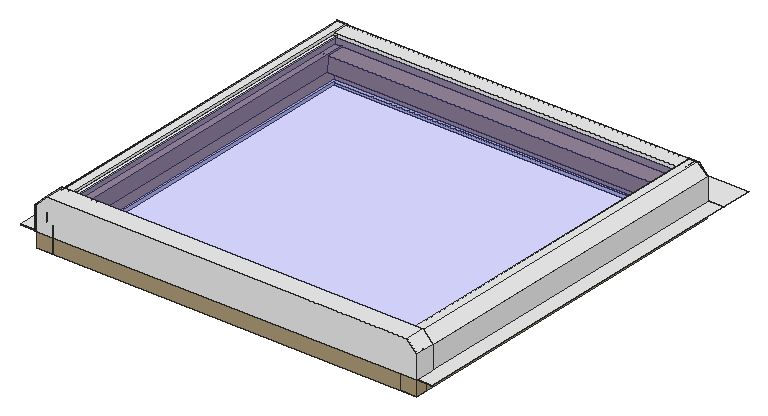
Revit family "Skylight_Fakro_FV", category Generic Models, host Roof, Revit 2026
Family settings
  Host = Roof
  Can host rebar = No
  Round Connector Dimension = Use Diameter
  Part Type = Normal
  Classification Number = 23.30.30.14
  Always vertical = No
  Cut with Voids When Loaded = No
  Maintain Annotation Orientation = No
  Shared = No
  Room Calculation Point = No
Parameters (values of type "48x46")
  Warranty Duration (Years) = 0
  Upper Apron Length = Unit Width - 60 mm  # 1172 mm
  Unit Width = 1232 mm
  Unit Height = 1178 mm
  URL = "http://www.fakrousa.com/"
  Type Comments = ""
  Test Data = ""
  Specification = ""
  SpecWizard = ""
  Side Apron Length = Unit Height - 28 mm  # 1150 mm
  Sash Width = Unit Width - 82 mm  # 1150 mm
  Sash Length = Unit Height - 2 mm * 39.5  # 1099 mm
  Sales Information = "http://www.fakrousa.com/our-dealers/"
  Roof Angle [instance] = 45.00°
  Screen Height = Unit Height - 79 mm  # 1099 mm
  Screen Width = Unit Width - 104 mm  # 1128 mm
  Revision = "R1_2016-01"
  Product Properties = ""
  Product Data = "http://www.fakrousa.com/our-products/offer/skylights/fv/"
  Model = "FV"
  Mechanism height = 90 mm
  Manufacturer Website = "http://www.fakrousa.com/"
  Manufacturer Phone - Toll Free = ""
  Manufacturer Phone = "630-543-1010"
  Manufacturer Fax = "630-543-1011"
  Manufacturer Address = "\"39 W. Factory Rd., Addison, IL 60101\""
  Manufacturer = "Fakro USA"
  Maintenance Schedule (Months) = 0
  Keynote = "08 62 00"
  Installation-Fabrication = ""
  Installation Phase = ""
  Green Building-LEED = ""
  Expected Lifespan (Years) = 0
  Drawn By = ""
  Description = "Fakro FV Skylight - 48x46"
  Default Elevation = 0 mm
  Cost = 0
  Copyright = "\"ï¿½ 2015 ARCAT, Inc.\""
  Construction Details = ""
  Building Codes = ""
  Assembly Code = "B3020110"
Types (10, lengths in mm): name | Upper Apron Length | Unit Width | Unit Height | Side Apron Length | Sash Width | Sash Length | Screen Height | Screen Width | Description
  48x46 | 1172 | 1232 | 1178 | 1150 | 1150 | 1099 | 1099 | 1128 | "Fakro FV Skylight - 48x46"
  48x27 | 1172 | 1232 | 699 | 671 | 1150 | 620 | 620 | 1128 | "Fakro FV Skylight - 48x27"
  32x55 | 766 | 826 | 1397 | 1369 | 744 | 1318 | 1318 | 722 | "Fakro FV Skylight - 32x55"
  32x46 | 766 | 826 | 1178 | 1150 | 744 | 1099 | 1099 | 722 | "Fakro FV Skylight - 32x46"
  32x38 | 766 | 826 | 978 | 950 | 744 | 899 | 899 | 722 | "Fakro FV Skylight - 32x38"
  24x70 | 563 | 623 | 1797 | 1769 | 541 | 1718 | 1718 | 519 | "Fakro FV Skylight - 24x70"
  24x55 | 563 | 623 | 1397 | 1369 | 541 | 1318 | 1318 | 519 | "Fakro FV Skylight - 24x55"
  24x46 | 563 | 623 | 1178 | 1150 | 541 | 1099 | 1099 | 519 | "Fakro FV Skylight - 24x46"
  24x38 | 563 | 623 | 978 | 950 | 541 | 899 | 899 | 519 | "Fakro FV Skylight - 24x38"
  24x27 | 563 | 623 | 699 | 671 | 541 | 620 | 620 | 519 | "Fakro FV Skylight - 24x27"
Reference planes
  plane 1 "Środek (Przód/Tył)": y = 0
  plane 2 "Dach": z = 4000
  plane 3 "Środek (Lewa/Prawa)": x = 0
  plane 4: x = -616
  plane 5: x = 616
  plane 6: y = 589
  plane 7: y = -589
  plane 8: z = 4100
  plane 9: x = -45
  plane 10: x = 45
Forms (mm)
  Extrusion 1, void
    sketch origin (0, 0, 4000) x (1, 0, 0) y (0, 1, 0)
      loop
        line (-616, 589) -> (-616, -589) -> (616, -589) -> (616, 589) -> (-616, 589)
    from 100 to 200
  Extrusion 2, void
    sketch origin (0, 0, 0) x (0, 1, 0) y (0, 0, 1)
      loop
        line (689, 4000) -> (589, 4100) -> (-589, 4100) -> (-689, 4000) -> (689, 4000)
    from -616 to 616
  Sweep 3, solid, material "Sosna, zwyczajna"
    path origin (0, 0, 4000) x (1, 0, 0) y (0, 1, 0)
      loop
        line (-616, 589) -> (-616, -589)
    profile origin (-616, 0, 4000) x (1, 0, 0) y (0, 0, 1)
      loop
        line (33, 238) -> (33, 268.5) -> (24, 268.5) -> (0, 266.5) -> (0, 150.5) -> (52, 150.5) -> (52, 238) -> (33, 238)
  Sweep 4, solid, material "Sosna, zwyczajna"
    path origin (0, 0, 4000) x (-1, 0, 0) y (0, 1, 0)
      loop
        line (-616, 589) -> (-616, -589)
    profile origin (616, 0, 4000) x (1, 0, 0) y (0, 0, 1)
      loop
        line (-33, 238) -> (-52, 238) -> (-52, 150.5) -> (0, 150.5) -> (0, 266.5) -> (-24, 268.5) -> (-33, 268.5) -> (-33, 238)
  Sweep 5, solid, material "Sosna, zwyczajna"
    path origin (0, 0, 4000) x (1, 0, 0) y (0, 1, 0)
      loop
        line (-616, -589) -> (616, -589)
    profile origin (0, -589, 4000) x (0, 1, 0) y (0, 0, 1)
      loop
        line (0, 200) -> (0, 150.5) -> (39.5, 150.5) -> (39.5, 268.5) -> (28, 268.5) -> (28, 307.5) -> (0, 307.5) -> (0, 200)
  Sweep 6, solid, material "Sosna, zwyczajna"
    path origin (0, 0, 4000) x (1, 0, 0) y (0, 1, 0)
      loop
        line (-616, 589) -> (616, 589)
    profile origin (0, 589, 4000) x (0, 1, 0) y (0, 0, 1)
      loop
        line (0, 200) -> (0, 228) -> (-15.302, 228) -> (-15.302, 238) -> (-24.302, 238) -> (-39.5, 232) -> (-39.5, 150.5) -> (0, 150.5) -> (0, 200)
  Sweep 7, solid, material "Aluminium"
    path origin (0, 0, 4000) x (1, 0, 0) y (0, 1, 0)
      loop
        line (-583, 573.698) -> (583, 573.698)
    profile origin (0, 573.698, 4000) x (0, 1, 0) y (0, 0, 1)
      loop
        line (0, 228) -> (15.302, 228) -> (15.302, 200) -> (17.302, 200) -> (17.302, 230) -> (0, 230) -> (0, 228)
  Extrusion 8, void
    sketch origin (0, 0, 0) x (1, 0, 0) y (0, 0, 1)
      loop
        line (586, 4307.5) -> (616, 4277.5) -> (616, 4307.5) -> (586, 4307.5)
    from -846.219 to 1450.791
  Extrusion 9, void
    sketch origin (0, 0, 0) x (-1, 0, 0) y (0, 0, -1)
      loop
        line (586, -4307.5) -> (616, -4307.5) -> (616, -4277.5) -> (586, -4307.5)
    from -789.934 to 1489.069
  Extrusion 10, solid, material "Aluminium"
    sketch origin (0, 0, 4000) x (1, 0, 0) y (0, 1, 0)
      loop
        line (-618, 593) -> (-668, 593) -> (-668, -591) -> (-618, -591) -> (-618, 593)
    from 200 to 202
  Extrusion 11, solid, material "Aluminium"
    sketch origin (0, 0, 4000) x (-1, 0, 0) y (0, -1, 0)
      loop
        line (-618, -593) -> (-618, 591) -> (-668, 591) -> (-668, -593) -> (-618, -593)
    from 200 to 202
  Extrusion 12, solid, material "Aluminium"
    sketch origin (0, 0, 4000) x (1, 0, 0) y (0, 1, 0)
      loop
        line (-668, 593) -> (668, 593) -> (668, 693) -> (-668, 693) -> (-668, 593)
    from 200 to 202
Cuts and joins
  Extrusion 8, Extrusion 9 cuts Sweep 5
Lines and regions (mm)
  reference lines
    curve 1: line (0, 589, 4100) -> (0, 857.701, 3831.299)
    curve 2: line (0, -589, 4100) -> (0, -900.127, 3788.873)
    curve 3: line (0, -549.5, 4200) -> (0, 0, 4200)
Dimensions and locks
  equal spacing: host sketch curve, plane 3 "Środek (Lewa/Prawa)", host sketch curve
  equal spacing: host sketch curve, plane 1 "Środek (Przód/Tył)", host sketch curve
  equal spacing: plane 4, plane 3 "Środek (Lewa/Prawa)", plane 5
  "Unit Width": plane 4 to plane 5
  equal spacing: plane 6, plane 1 "Środek (Przód/Tył)", plane 7
  "Unit Height": plane 6 to plane 7
  locked: host roof to plane 8 at 100
  locked: host roof to Sweep 6 at 49.5
  equal spacing: plane 9, plane 3 "Środek (Lewa/Prawa)", plane 10
  "Mechanism height": plane 9 to plane 10
  locked: Extrusion 8 sketch curve to Extrusion 8 sketch curve at 30  (x2)
  locked: Extrusion 9 sketch curve to Extrusion 9 sketch curve at 30  (x2)
  locked: Extrusion 10 to host roof at 2
  locked: host roof to Extrusion 11 at 2
  locked: Extrusion 10 sketch curve to Extrusion 10 sketch curve at 50
  locked: Extrusion 11 sketch curve to Extrusion 11 sketch curve at 50
  locked: Extrusion 12 sketch curve to Extrusion 12 sketch curve at 100
  locked: Extrusion 12 to host roof at 2
  "Roof Angle": angle plane 7 to curve 2
  "Roof Angle": angle plane 8 to curve 1
  aligned and locked: level to plane 2 "Dach"
  aligned and locked: plane 6 to curve 1
  aligned and locked: plane 8 to curve 1
  aligned and locked: plane 8 to curve 2
  aligned and locked: plane 7 to curve 2
  aligned and locked: Extrusion 1 sketch curve to plane 6
  aligned and locked: plane 4 to Extrusion 1 sketch curve
  aligned and locked: plane 7 to Extrusion 1 sketch curve
  aligned and locked: Extrusion 1 sketch curve to plane 5
  aligned and locked: Extrusion 1 to plane 8
  aligned and locked: host roof to Extrusion 1
  aligned and locked: host roof to Extrusion 2 sketch curve
  aligned and locked: Extrusion 2 sketch curve to plane 8
  aligned and locked: Extrusion 2 sketch curve to curve 1
  aligned and locked: Extrusion 2 sketch curve to curve 2
  aligned and locked: plane 5 to Extrusion 2
  aligned and locked: Extrusion 2 to plane 4
  aligned and locked: plane 4 to Sweep 3 sketch curve
  aligned and locked: plane 7 to Sweep 5 sketch curve
  aligned and locked: Sweep 5 sketch curve to Sweep 3  (x2)
  aligned and locked: Sweep 6 sketch curve to plane 6
  aligned and locked: plane 6 to Sweep 6 sketch curve
  aligned and locked: Sweep 6 sketch curve to Sweep 3
  aligned and locked: nested 1 to Sweep 5
  aligned and locked: nested 1 to host roof
  aligned and locked: plane 4 to nested 1
  aligned and locked: Sweep 3 to Sweep 6
  aligned and locked: Sweep 4 to Sweep 6
  aligned and locked: Sweep 6 to Sweep 5
  aligned and locked: Sweep 7 to host roof
  aligned and locked: host roof to nested 2
  aligned and locked: plane 5 to nested 2
  aligned and locked: nested 2 to Sweep 5
  aligned and locked: nested 3 to Sweep 6
  aligned and locked: nested 4 to Sweep 5
  aligned and locked: plane 5 to Extrusion 8 sketch curve
  aligned and locked: Extrusion 8 sketch curve to Sweep 5
  aligned and locked: cut or joined group of Sweep 5, Extrusion 8, Extrusion 9 to curve 3
  aligned and locked: host roof to curve 3
  aligned and locked: Extrusion 9 sketch curve to cut or joined group of Sweep 5, Extrusion 8, Extrusion 9
  aligned and locked: plane 4 to Extrusion 9 sketch curve
  aligned and locked: plane 1 "Środek (Przód/Tył)" to nested 5
  aligned and locked: nested 4 to host roof
  aligned and locked: nested 5 to nested 3
  aligned and locked: plane 3 "Środek (Lewa/Prawa)" to nested 5
  aligned and locked: nested 3 to nested 5  (x3)
  aligned and locked: plane 1 "Środek (Przód/Tył)" to nested 6
  aligned and locked: nested 5 to nested 6
  aligned and locked: nested 6 to Sweep 4
  aligned and locked: Extrusion 10 to host roof
  aligned and locked: Extrusion 11 to host roof
  aligned and locked: Extrusion 11 to nested 2
  aligned and locked: Extrusion 10 to nested 1
  aligned and locked: Extrusion 12 sketch curve to Extrusion 10
  aligned and locked: Extrusion 11 to Extrusion 12 sketch curve
  aligned and locked: Extrusion 12 to host roof
Automatic sketch dimensions
  Sweep 3 sketch curve to plane 4 = 0 mm
  Sweep 3 sketch curve to plane 7 = 0 mm
  Sweep 3 sketch curve to plane 6 = 0 mm
  Sweep 3 sketch curve to profile plane = 24 mm
  Sweep 3 sketch curve to Sweep 3 sketch curve = 9 mm
  Sweep 3 sketch curve to Sweep 3 sketch curve = 52 mm
  level to Sweep 3 sketch curve = 150.5 mm
  Sweep 3 sketch curve to Sweep 3 sketch curve = 87.5 mm
  Sweep 3 sketch curve to Sweep 3 sketch curve = 28.5 mm
  Sweep 3 sketch curve to Sweep 3 sketch curve = 30.5 mm
  Sweep 4 sketch curve to plane 5 = 0 mm
  Sweep 4 sketch curve to plane 7 = 0 mm
  Sweep 4 sketch curve to plane 6 = 0 mm
  profile plane to Sweep 4 sketch curve = 0 mm
  profile plane to Sweep 4 sketch curve = 24 mm
  Sweep 4 sketch curve to Sweep 4 sketch curve = 9 mm
  Sweep 4 sketch curve to Sweep 4 sketch curve = 52 mm
  level to Sweep 4 sketch curve = 150.5 mm
  Sweep 4 sketch curve to Sweep 4 sketch curve = 87.5 mm
  Sweep 4 sketch curve to Sweep 4 sketch curve = 28.5 mm
  Sweep 4 sketch curve to Sweep 4 sketch curve = 30.5 mm
  Sweep 5 sketch curve to plane 4 = 0 mm
  Sweep 5 sketch curve to plane 5 = 0 mm
  Sweep 5 sketch curve to plane 7 = 0 mm
  Sweep 5 sketch curve to profile plane = 28 mm
  Sweep 5 sketch curve to profile plane = 39.5 mm
  Sweep 5 sketch curve to Sweep 5 sketch curve = 49.5 mm
  Sweep 5 sketch curve to Sweep 5 sketch curve = 39 mm
  Sweep 6 sketch curve to plane 4 = 0 mm
  Sweep 6 sketch curve to plane 5 = 0 mm
  profile plane to Sweep 6 sketch curve = 15.302 mm
  Sweep 6 sketch curve to Sweep 6 sketch curve = 9 mm
  Sweep 6 sketch curve to Sweep 6 sketch curve = 15.198 mm
  Sweep 6 sketch curve to Sweep 6 sketch curve = 49.5 mm
  Sweep 6 sketch curve to Sweep 6 sketch curve = 28 mm
  Sweep 6 sketch curve to Sweep 6 sketch curve = 4 mm
  Sweep 6 sketch curve to Sweep 6 sketch curve = 10 mm
  Sweep 7 sketch curve to plane 6 = 15.302 mm
  plane 4 to Sweep 7 sketch curve = 33 mm
  Sweep 7 sketch curve to plane 5 = 33 mm
  Sweep 7 sketch curve to profile plane = 0 mm
  Sweep 7 sketch curve to profile plane = 15.302 mm
  Sweep 7 sketch curve to Sweep 7 sketch curve = 2 mm  (x2)
  level to Sweep 7 sketch curve = 200 mm
  Sweep 7 sketch curve to Sweep 7 sketch curve = 28 mm
  Extrusion 10 sketch curve to plane 4 = 2 mm
  Extrusion 10 sketch curve to plane 7 = 2 mm
  plane 6 to Extrusion 10 sketch curve = 4 mm
  Extrusion 11 sketch curve to plane 5 = 2 mm
  plane 7 to Extrusion 11 sketch curve = 2 mm
  Extrusion 11 sketch curve to plane 6 = 4 mm
  Extrusion 12 sketch curve to plane 4 = 52 mm
  curve 3 to plane 1 "Środek (Przód/Tył)" = 0 mm
  plane 7 to curve 3 = 39.5 mm
  plane 8 to curve 3 = 100 mm
Nested families
  nested 1: "side apron" at (-616, 159, 4200) x (0, 1, 0) z (0, 0, 1), type "side apron"
    with Side apron width 1150 mm
  nested 2: "side apron" at (616, 159, 4200) x (0, 1, 0) z (0, 0, 1), type "side apron"
    with Side apron width 1150 mm
  nested 3: "mechanism" at (0, 539.5, 4202), type "mechanism"
    with mechanism width 200 mm, Mechanism height 42 mm
  nested 4: "Hood" at (0, -589, 4200) x (-1, 0, 0) z (0, 0, 1), type "Hood"
    with Upper apron width 1172 mm
  nested 5: "Sash" at (0, 0, 4200), type "Sash"
    with width 1150 mm, Side apron lenght skrzydło 1140.5 mm, Mechanism width 200 mm, Lenght 1099 mm
  nested 6: "Mosquito net" at (0, 0, 4150.5), type "Mosquito net"
    with dsa 56.4 mm, asd 54.95 mm, Moskitiera width 1128 mm, Moskitiera height 1099 mm
Definition of nested family "side apron"
  Parameters (values of type "side apron")
    Side apron width = 1440 mm
    Default Elevation = 0 mm
  Reference planes
    plane 1 "Środek (Przód/Tył)": y = 0
    plane 2: z = 0
    plane 3 "Środek (Lewa/Prawa)": x = 0
    plane 4: x = -720
    plane 5: x = 720
  Forms (mm)
    Sweep 1, solid
      path origin (0, 0, 0) x (1, 0, 0) y (0, 1, 0)
        loop
          line (-720, 0) -> (720, 0)
      profile origin (0, 0, 0) x (0, 1, 0) y (0, 0, 1)
        loop
          line (0, 0) -> (2, 0) -> (2, 70.5) -> (-31, 70.5) -> (-31, 88.5) -> (-33, 88.5) -> (-33, 68.5) -> (0, 68.5) -> (0, 0)
    Extrusion 2, solid
      sketch origin (0, 0, 0) x (0, 1, 0) y (0, 0, 1)
        loop
          line (-33, 70.5) -> (-33, 0) -> (2, 0) -> (2, 70.5) -> (-33, 70.5)
      from 720 to 722
  Cuts and joins
    joined: Sweep 1, Extrusion 2
  Dimensions and locks
    "Side apron width": plane 4 to plane 5
    locked: Extrusion 2 to plane 5 at 2
    aligned and locked: level to plane 2
    aligned and locked: Extrusion 2 sketch curve to Sweep 1  (x4)
    aligned and locked: Sweep 1 to Extrusion 2
  Automatic sketch dimensions
    plane 1 "Środek (Przód/Tył)" to Sweep 1 sketch curve = 0 mm
    Sweep 1 sketch curve to plane 4 = 0 mm
    Sweep 1 sketch curve to plane 5 = 0 mm
    Sweep 1 sketch curve to level = 0 mm
    Sweep 1 sketch curve to profile plane = 0 mm
    profile plane to Sweep 1 sketch curve = 31 mm
    Sweep 1 sketch curve to Sweep 1 sketch curve = 2 mm  (x2)
    Sweep 1 sketch curve to profile plane = 2 mm
    Sweep 1 sketch curve to Sweep 1 sketch curve = 68.5 mm
    Sweep 1 sketch curve to Sweep 1 sketch curve = 18 mm
Definition of nested family "mechanism"
  Parameters (values of type "mechanism")
    mechanism width = 90 mm
    mechanism lenght = 20 mm
    Mechanism height = 37.5 mm
    Default Elevation = 0 mm
  Reference planes
    plane 1 "Środek (Przód/Tył)": y = 0
    plane 2: z = 0
    plane 3 "Środek (Lewa/Prawa)": x = 0
    plane 4: x = -45
    plane 5: x = 45
    plane 6: y = 10
    plane 7: y = -10
    plane 8: z = 37.5
    plane 9: z = -15
  Forms (mm)
    Extrusion 1, solid
      sketch origin (0, 0, 0) x (1, 0, 0) y (0, 1, 0)
        loop
          line (-45, 10) -> (-45, -10) -> (45, -10) -> (45, 10) -> (-45, 10)
      from 0 to 37.5
    Sweep 2, solid
      path origin (0, 0, 0) x (0, 1, 0) y (0, 0, 1)
        loop
          line (-10, 0) -> (-10, -15)
      profile origin (0, -10, -7.5) x (1, 0, 0) y (0, 1, 0)
        loop
          circle (0, 10) r 10
        loop
          circle (0, 10) r 7
  Dimensions and locks
    equal spacing: plane 4, plane 3 "Środek (Lewa/Prawa)", plane 5
    equal spacing: plane 6, plane 1 "Środek (Przód/Tył)", plane 7
    "mechanism width": plane 4 to plane 5
    "mechanism lenght": plane 6 to plane 7
    "Mechanism height": plane 8 to level
    level to plane 9 = 15 mm
    aligned and locked: level to plane 2
    aligned and locked: Extrusion 1 sketch curve to plane 6
    aligned and locked: plane 4 to Extrusion 1 sketch curve
    aligned and locked: plane 7 to Extrusion 1 sketch curve
    aligned and locked: Extrusion 1 sketch curve to plane 5
    aligned and locked: Extrusion 1 to level
    aligned and locked: plane 8 to Extrusion 1
  Automatic sketch dimensions
    Sweep 2 sketch curve to plane 7 = 0 mm
    Sweep 2 sketch curve to plane 9 = 0 mm
    Sweep 2 sketch curve to level = 0 mm
    Sweep 2 sketch curve to plane 3 "Środek (Lewa/Prawa)" = 0 mm
    Sweep 2 sketch curve to profile plane = 10 mm
    radius of Sweep 2 sketch curve = 10 mm
Definition of nested family "Hood"
  Parameters (values of type "Rodzina5")
    Upper apron width = 1200 mm
    Default Elevation = 0 mm
  Reference planes
    plane 1 "Środek (Przód/Tył)": y = 0
    plane 2: z = 0
    plane 3 "Środek (Lewa/Prawa)": x = 0
    plane 4: x = -600
    plane 5: x = 600
  Forms (mm)
    Sweep 1, solid
      path origin (0, 0, 0) x (1, 0, 0) y (0, 1, 0)
        loop
          line (-600, 0) -> (600, 0)
      profile origin (0, 0, 0) x (0, 1, 0) y (0, 0, 1)
        loop
          line (0, 0) -> (2, 0) -> (2, 109.5) -> (-62.5, 109.5) -> (-62.5, 103.5) -> (-58.5, 103.5) -> (-58.5, 105.5) -> (-60.5, 105.5) -> (-60.5, 107.5) -> (0, 107.5) -> (0, 0)
    Extrusion 2, solid
      sketch origin (0, 0, 0) x (1, 0, 0) y (0, 0, 1)
        loop
          line (-600, 109.5) -> (-634, 75.5) -> (-634, 0) -> (-632, 0) -> (-632, 75.5) -> (-600, 107.5) -> (-600, 109.5)
      from -2 to 62.5
    Extrusion 3, solid
      sketch origin (0, 0, 0) x (1, 0, 0) y (0, 0, 1)
        loop
          line (-600, 107.5) -> (-632, 77.5) -> (-632, 0) -> (-600, 0) -> (-600, 107.5)
      from -2 to 0
    Extrusion 4, solid
      sketch origin (0, 0, 0) x (-1, 0, 0) y (0, 0, -1)
        loop
          line (-600, -109.5) -> (-600, -107.5) -> (-632, -75.5) -> (-632, 0) -> (-634, 0) -> (-634, -75.5) -> (-600, -109.5)
      from -2 to 62.5
    Extrusion 5, solid
      sketch origin (0, 0, 0) x (-1, 0, 0) y (0, 0, -1)
        loop
          line (-600, -107.5) -> (-600, 0) -> (-632, 0) -> (-632, -77.5) -> (-600, -107.5)
      from -2 to 0
  Cuts and joins
    joined: Sweep 1, Extrusion 2, Extrusion 3, Extrusion 4, Extrusion 5
  Dimensions and locks
    equal spacing: plane 4, plane 3 "Środek (Lewa/Prawa)", plane 5
    "Upper apron width": plane 4 to plane 5
    aligned and locked: level to plane 2
    aligned and locked: Sweep 1 to Extrusion 2
    aligned and locked: Extrusion 2 to Sweep 1
    aligned and locked: Extrusion 3 to Sweep 1
    aligned and locked: Extrusion 3 sketch curve to plane 4
    aligned and locked: level to Extrusion 3 sketch curve
    aligned and locked: Extrusion 4 sketch curve to plane 5
    aligned and locked: plane 5 to Extrusion 5 sketch curve
    aligned and locked: level to Extrusion 5 sketch curve
    aligned and locked: Extrusion 3 sketch curve to cut or joined group of Sweep 1, Extrusion 2, Extrusion 3, Extrusion 4, Extrusion 5
    aligned and locked: Extrusion 5 sketch curve to cut or joined group of Sweep 1, Extrusion 2, Extrusion 3, Extrusion 4, Extrusion 5
    aligned and locked: cut or joined group of Sweep 1, Extrusion 2, Extrusion 3, Extrusion 4, Extrusion 5 to cut or joined group of Sweep 1, Extrusion 2, Extrusion 3, Extrusion 4, Extrusion 5
  Automatic sketch dimensions
    plane 1 "Środek (Przód/Tył)" to Sweep 1 sketch curve = 0 mm
    Sweep 1 sketch curve to plane 4 = 0 mm
    Sweep 1 sketch curve to plane 5 = 0 mm
    Sweep 1 sketch curve to profile plane = 0 mm
    Sweep 1 sketch curve to level = 0 mm
    profile plane to Sweep 1 sketch curve = 58.5 mm
    Sweep 1 sketch curve to Sweep 1 sketch curve = 2 mm  (x5)
    Sweep 1 sketch curve to profile plane = 2 mm
    level to Sweep 1 sketch curve = 103.5 mm
    Extrusion 2 sketch curve to level = 0 mm
    Extrusion 2 sketch curve to plane 4 = 0 mm
    Extrusion 2 sketch curve to plane 4 = 32 mm
    Extrusion 2 sketch curve to Extrusion 2 sketch curve = 2 mm  (x2)
    level to Extrusion 2 sketch curve = 75.5 mm
    Extrusion 2 sketch curve to Extrusion 2 sketch curve = 0 mm
    Extrusion 2 sketch curve to Extrusion 2 sketch curve = 32 mm
    Extrusion 4 sketch curve to level = 0 mm
    Extrusion 4 sketch curve to plane 5 = 32 mm
    Extrusion 4 sketch curve to Extrusion 4 sketch curve = 2 mm  (x2)
    Extrusion 4 sketch curve to Extrusion 4 sketch curve = 75.5 mm
    Extrusion 4 sketch curve to Extrusion 4 sketch curve = 0 mm
    Extrusion 4 sketch curve to Extrusion 4 sketch curve = 32 mm
    Extrusion 5 sketch curve to Extrusion 5 sketch curve = 77.5 mm
    Extrusion 5 sketch curve to Extrusion 5 sketch curve = 30 mm
    level to Extrusion 3 sketch curve = 77.5 mm
    Extrusion 3 sketch curve to Extrusion 3 sketch curve = 30 mm
Definition of nested family "Sash"
  Parameters (values of type "skrzydło")
    width = 760 mm
    Side apron lenght skrzydło = Lenght + 41.5 mm  # 1241.5 mm
    Mechanism width = 90 mm
    Lenght = 1200 mm
    Default Elevation = 1219.2 mm
  Reference planes
    plane 1 "Środek (Przód/Tył)": y = 0
    plane 2: z = 0
    plane 3 "Środek (Lewa/Prawa)": x = 0
    plane 4: x = -380
    plane 5: x = 380
    plane 6: y = 600
    plane 7: y = -600
    plane 8: z = 6.5
    plane 9: x = -45
    plane 10: x = 45
  Forms (mm)
    Extrusion 1, solid
      sketch origin (0, 0, 0) x (1, 0, 0) y (0, 1, 0)
        loop
          line (-1219.2, 1219.2) -> (-1219.2, -1219.2) -> (1219.2, -1219.2) -> (1219.2, 1219.2) -> (-1219.2, 1219.2)
      from 0 to -304.8
    Sweep 2, solid
      path origin (0, 0, 0) x (1, 0, 0) y (0, 1, 0)
        loop
          line (-380, 600) -> (-380, -600)
      profile origin (-380, 0, 0) x (1, 0, 0) y (0, 0, 1)
        loop
          line (0, 43.5) -> (12.5, 43.5) -> (12.5, 6.5) -> (27.5, 6.5) -> (39.627, 64.5) -> (15.5, 64.5) -> (15.5, 92.5) -> (0, 92.5) -> (0, 43.5)
    Sweep 3, solid
      path origin (0, 0, 0) x (-1, 0, 0) y (0, 1, 0)
        loop
          line (-380, 600) -> (-380, -600)
      profile origin (380, 0, 0) x (1, 0, 0) y (0, 0, 1)
        loop
          line (0, 43.5) -> (0, 92.5) -> (-15.5, 92.5) -> (-15.5, 64.5) -> (-39.627, 64.5) -> (-27.5, 6.5) -> (-12.5, 6.5) -> (-12.5, 43.5) -> (0, 43.5)
    Sweep 4, solid
      path origin (0, 0, 0) x (1, 0, 0) y (0, 1, 0)
        loop
          line (-380, -600) -> (380, -600)
      profile origin (0, -600, 0) x (0, 1, 0) y (0, 0, 1)
        loop
          line (0, 6.5) -> (29, 6.5) -> (41.5, 64.5) -> (17, 64.5) -> (17, 92.5) -> (0, 92.5) -> (0, 6.5)
    Sweep 5, solid
      path origin (0, 0, 0) x (1, 0, 0) y (0, 1, 0)
        loop
          line (-380, 600) -> (380, 600)
      profile origin (0, 600, 0) x (0, 1, 0) y (0, 0, 1)
        loop
          line (0, 64.5) -> (-59, 64.5) -> (-46.533, 6.5) -> (-20, 6.5) -> (-20, 44) -> (14, 44) -> (14, 64.5) -> (14, 100.5) -> (-5, 100.5) -> (-5, 97.5) -> (0, 97.5) -> (0, 64.5)
    Sweep 6, solid
      path origin (0, 20, 0) x (1, 0, 0) y (0, 1, 0)
        loop
          line (-45, 600) -> (-380, 600)
      profile origin (-212.5, 620, 0) x (0, -1, 0) y (0, 0, 1)
        loop
          line (40, 6.5) -> (40, 48.5) -> (20, 48.5) -> (20, 6.5) -> (40, 6.5)
    Sweep 7, solid
      path origin (0, 20, 0) x (-1, 0, 0) y (0, 1, 0)
        loop
          line (-45, 600) -> (-380, 600)
      profile origin (212.5, 620, 0) x (0, 1, 0) y (0, 0, 1)
        loop
          line (-40, 6.5) -> (-20, 6.5) -> (-20, 48.5) -> (-40, 48.5) -> (-40, 6.5)
    Extrusion 8, solid
      sketch origin (0, 0, 0) x (1, 0, 0) y (0, 1, 0)
        loop
          line (-364.5, 600) -> (-364.5, -583) -> (364.5, -583) -> (364.5, 600) -> (-364.5, 600)
      from 64.5 to 89.5
    Sweep 9, solid
      path origin (0, 0, 0) x (1, 0, 0) y (0, 1, 0)
        loop
          line (-380, 629) -> (-380, -583)
      profile origin (-380, 23, 0) x (1, 0, 0) y (0, 0, 1)
        loop
          line (0, 92.5) -> (15.5, 92.5) -> (25.313, 89.5) -> (25.751, 90.934) -> (15.724, 94) -> (15.724, 96.488) -> (18.259, 96.488) -> (18.259, 97.5) -> (14.724, 97.5) -> (14.724, 94) -> (1.5, 94) -> (1.5, 97.5) -> (0, 97.5) -> (0, 92.5)
    Sweep 10, solid
      path origin (0, 0, 0) x (-1, 0, 0) y (0, 1, 0)
        loop
          line (-380, 629) -> (-380, -583)
      profile origin (380, 23, 0) x (1, 0, 0) y (0, 0, 1)
        loop
          line (0, 92.5) -> (0, 97.5) -> (-1.5, 97.5) -> (-1.5, 94) -> (-14.724, 94) -> (-14.724, 97.5) -> (-18.259, 97.5) -> (-18.259, 96.488) -> (-15.724, 96.488) -> (-15.724, 94) -> (-25.751, 90.934) -> (-25.313, 89.5) -> (-15.5, 92.5) -> (0, 92.5)
    Sweep 11, solid
      path origin (0, 0, 0) x (1, 0, 0) y (0, 1, 0)
        loop
          line (-364.5, -600) -> (364.5, -600)
      profile origin (0, -600, 0) x (0, 1, 0) y (0, 0, 1)
        loop
          line (0, 92.5) -> (17, 92.5) -> (26.813, 89.5) -> (27.251, 90.934) -> (17, 94.069) -> (17, 96.488) -> (19.535, 96.488) -> (19.535, 97.5) -> (17, 97.5) -> (17, 105.5) -> (21, 105.5) -> (21, 106.5) -> (16, 106.5) -> (16, 94) -> (1.5, 94) -> (1.5, 97.5) -> (0, 97.5) -> (0, 92.5)
    Sweep 12, solid
      path origin (0, 0, 0) x (1, 0, 0) y (0, 1, 0)
        loop
          line (-380, 600) -> (380, 600)
      profile origin (0, 600, 0) x (0, 1, 0) y (0, 0, 1)
        loop
          line (-5, 100.5) -> (39, 100.5) -> (39, 30) -> (41.5, 30) -> (41.5, 102.5) -> (-7, 102.5) -> (-7, 89.5) -> (-5, 89.5) -> (-5, 100.5)
  Dimensions and locks
    equal spacing: plane 4, plane 3 "Środek (Lewa/Prawa)", plane 5
    "width": plane 4 to plane 5
    equal spacing: plane 6, plane 1 "Środek (Przód/Tył)", plane 7
    "Lenght": plane 6 to plane 7
    locked: plane 8 to level at 6.5
    equal spacing: plane 9, plane 3 "Środek (Lewa/Prawa)", plane 10
    "Mechanism width": plane 9 to plane 10
    aligned and locked: plane 2 to Extrusion 1
    aligned and locked: level to Extrusion 1
    aligned and locked: Sweep 2 sketch curve to plane 8
    aligned and locked: Sweep 2 sketch curve to profile plane
    aligned and locked: Sweep 3 sketch curve to profile plane
    aligned and locked: plane 8 to Sweep 3 sketch curve
    aligned and locked: Sweep 5 to Extrusion 8
    aligned and locked: Sweep 2 to Extrusion 8 sketch curve
    aligned and locked: Sweep 5 to Extrusion 8 sketch curve
    aligned and locked: Extrusion 8 sketch curve to Sweep 3
    aligned and locked: Sweep 4 to Extrusion 8 sketch curve
    aligned and locked: nested 1 to Sweep 9
    aligned and locked: nested 2 to Sweep 10
    aligned and locked: nested 1 to Sweep 4
    aligned and locked: nested 2 to Sweep 4
    aligned and locked: Sweep 2 to Sweep 5 sketch curve
    aligned and locked: Sweep 6 sketch curve to plane 8
    aligned and locked: Sweep 7 sketch curve to plane 8
  Automatic sketch dimensions
    Extrusion 1 sketch curve to Extrusion 1 sketch curve = 2438.4 mm  (x2)
    Sweep 2 sketch curve to plane 4 = 0 mm
    Sweep 2 sketch curve to plane 7 = 0 mm
    Sweep 2 sketch curve to plane 6 = 0 mm
    Sweep 2 sketch curve to profile plane = 12.5 mm
    Sweep 2 sketch curve to profile plane = 15.5 mm
    Sweep 2 sketch curve to Sweep 2 sketch curve = 15 mm
    Sweep 2 sketch curve to Sweep 2 sketch curve = 24.127 mm
    Sweep 2 sketch curve to Sweep 2 sketch curve = 37 mm
    Sweep 2 sketch curve to Sweep 2 sketch curve = 21 mm
    Sweep 2 sketch curve to Sweep 2 sketch curve = 28 mm
    Sweep 3 sketch curve to plane 5 = 0 mm
    Sweep 3 sketch curve to plane 7 = 0 mm
    Sweep 3 sketch curve to plane 6 = 0 mm
    profile plane to Sweep 3 sketch curve = 12.5 mm
    profile plane to Sweep 3 sketch curve = 15.5 mm
    Sweep 3 sketch curve to Sweep 3 sketch curve = 15 mm
    Sweep 3 sketch curve to Sweep 3 sketch curve = 24.127 mm
    Sweep 3 sketch curve to Sweep 3 sketch curve = 37 mm
    Sweep 3 sketch curve to Sweep 3 sketch curve = 21 mm
    Sweep 3 sketch curve to Sweep 3 sketch curve = 28 mm
    Sweep 4 sketch curve to plane 4 = 0 mm
    Sweep 4 sketch curve to plane 5 = 0 mm
    Sweep 4 sketch curve to plane 7 = 0 mm
    Sweep 4 sketch curve to profile plane = 0 mm
    Sweep 4 sketch curve to profile plane = 17 mm
    level to Sweep 4 sketch curve = 6.5 mm
    Sweep 4 sketch curve to Sweep 4 sketch curve = 29 mm
    Sweep 4 sketch curve to Sweep 4 sketch curve = 24.5 mm
    Sweep 4 sketch curve to Sweep 4 sketch curve = 58 mm
    Sweep 4 sketch curve to Sweep 4 sketch curve = 28 mm
    Sweep 5 sketch curve to plane 4 = 0 mm
    Sweep 5 sketch curve to plane 5 = 0 mm
    Sweep 5 sketch curve to plane 6 = 0 mm
    Sweep 5 sketch curve to profile plane = 14 mm
    Sweep 5 sketch curve to profile plane = 0 mm
    Sweep 5 sketch curve to Sweep 5 sketch curve = 5 mm
    profile plane to Sweep 5 sketch curve = 20 mm
    Sweep 5 sketch curve to Sweep 5 sketch curve = 26.533 mm
    Sweep 5 sketch curve to Sweep 5 sketch curve = 39 mm
    Sweep 5 sketch curve to Sweep 5 sketch curve = 37.5 mm
    Sweep 5 sketch curve to Sweep 5 sketch curve = 20.5 mm
    Sweep 5 sketch curve to Sweep 5 sketch curve = 0 mm
    Sweep 5 sketch curve to Sweep 5 sketch curve = 33 mm
    Sweep 5 sketch curve to Sweep 5 sketch curve = 3 mm
    Sweep 6 sketch curve to plane 4 = 0 mm
    plane 6 to Sweep 6 sketch curve = 20 mm
    Sweep 6 sketch curve to plane 9 = 0 mm
    Sweep 6 sketch curve to profile plane = 20 mm
    Sweep 6 sketch curve to Sweep 6 sketch curve = 20 mm
    Sweep 6 sketch curve to Sweep 6 sketch curve = 42 mm
    Sweep 7 sketch curve to plane 5 = 0 mm
    Sweep 7 sketch curve to plane 6 = 20 mm
    Sweep 7 sketch curve to plane 10 = 0 mm
    profile plane to Sweep 7 sketch curve = 40 mm
    Sweep 7 sketch curve to Sweep 7 sketch curve = 20 mm
    Sweep 7 sketch curve to Sweep 7 sketch curve = 42 mm
    Sweep 9 sketch curve to plane 4 = 0 mm
    plane 7 to Sweep 9 sketch curve = 17 mm
    plane 6 to Sweep 9 sketch curve = 29 mm
    profile plane to Sweep 9 sketch curve = 0 mm
    Sweep 9 sketch curve to profile plane = 1.5 mm
    Sweep 9 sketch curve to Sweep 9 sketch curve = 13.224 mm
    Sweep 9 sketch curve to Sweep 9 sketch curve = 0.776 mm
    Sweep 9 sketch curve to Sweep 9 sketch curve = 1 mm
    Sweep 9 sketch curve to Sweep 9 sketch curve = 2.535 mm
    Sweep 9 sketch curve to Sweep 9 sketch curve = 7.053 mm
    Sweep 9 sketch curve to Sweep 9 sketch curve = 0.439 mm
    level to Sweep 9 sketch curve = 89.5 mm
    Sweep 9 sketch curve to Sweep 9 sketch curve = 1.434 mm
    Sweep 9 sketch curve to Sweep 9 sketch curve = 1.5 mm
    Sweep 9 sketch curve to Sweep 9 sketch curve = 2.488 mm
    Sweep 9 sketch curve to Sweep 9 sketch curve = 3.5 mm
    Sweep 9 sketch curve to Sweep 9 sketch curve = 1.012 mm
    Sweep 10 sketch curve to plane 5 = 0 mm
    Sweep 10 sketch curve to plane 7 = 17 mm
    Sweep 10 sketch curve to plane 6 = 29 mm
    profile plane to Sweep 10 sketch curve = 0 mm
    profile plane to Sweep 10 sketch curve = 1.5 mm
    Sweep 10 sketch curve to Sweep 10 sketch curve = 13.224 mm
    Sweep 10 sketch curve to Sweep 10 sketch curve = 0.776 mm
    Sweep 10 sketch curve to Sweep 10 sketch curve = 1 mm
    Sweep 10 sketch curve to Sweep 10 sketch curve = 2.535 mm
    Sweep 10 sketch curve to Sweep 10 sketch curve = 7.053 mm
    Sweep 10 sketch curve to Sweep 10 sketch curve = 0.439 mm
    level to Sweep 10 sketch curve = 89.5 mm
    Sweep 10 sketch curve to Sweep 10 sketch curve = 1.434 mm
    Sweep 10 sketch curve to Sweep 10 sketch curve = 1.5 mm
    Sweep 10 sketch curve to Sweep 10 sketch curve = 2.488 mm
    Sweep 10 sketch curve to Sweep 10 sketch curve = 3.5 mm
    Sweep 10 sketch curve to Sweep 10 sketch curve = 1.012 mm
    plane 4 to Sweep 11 sketch curve = 15.5 mm
    Sweep 11 sketch curve to plane 5 = 15.5 mm
    Sweep 11 sketch curve to plane 7 = 0 mm
    Sweep 11 sketch curve to profile plane = 0 mm
    Sweep 11 sketch curve to profile plane = 1.5 mm
    Sweep 11 sketch curve to profile plane = 16 mm
    Sweep 11 sketch curve to Sweep 11 sketch curve = 0 mm  (x2)
    Sweep 11 sketch curve to Sweep 11 sketch curve = 2.535 mm
    Sweep 11 sketch curve to Sweep 11 sketch curve = 4 mm
    Sweep 11 sketch curve to Sweep 11 sketch curve = 7.277 mm
    Sweep 11 sketch curve to Sweep 11 sketch curve = 0.439 mm
    level to Sweep 11 sketch curve = 89.5 mm
    Sweep 11 sketch curve to Sweep 11 sketch curve = 1.434 mm
    Sweep 11 sketch curve to Sweep 11 sketch curve = 1.5 mm
    Sweep 11 sketch curve to Sweep 11 sketch curve = 2.42 mm
    Sweep 11 sketch curve to Sweep 11 sketch curve = 3.5 mm
    Sweep 11 sketch curve to Sweep 11 sketch curve = 1.012 mm
    Sweep 11 sketch curve to Sweep 11 sketch curve = 8 mm
    Sweep 11 sketch curve to Sweep 11 sketch curve = 1 mm  (x2)
    Sweep 12 sketch curve to plane 4 = 0 mm
    Sweep 12 sketch curve to plane 5 = 0 mm
    Sweep 12 sketch curve to plane 6 = 0 mm
    profile plane to Sweep 12 sketch curve = 7 mm
    Sweep 12 sketch curve to profile plane = 39 mm
    Sweep 12 sketch curve to Sweep 12 sketch curve = 2.5 mm
    level to Sweep 12 sketch curve = 30 mm
    Sweep 12 sketch curve to Sweep 12 sketch curve = 59.5 mm
    Sweep 12 sketch curve to Sweep 12 sketch curve = 11 mm
    Sweep 12 sketch curve to Sweep 12 sketch curve = 2 mm  (x2)
  Nested families
    nested 1: "Rodzina7" at (-360.741, 680, 101.488) x (0, 1, 0) z (0, 0, 1), type "Rodzina7"
      with Side apron skrzydło 1241.5 mm
    nested 2: "Rodzina7" at (360.741, 680, 101.488) x (0, 1, 0) z (0, 0, 1), type "Rodzina7"
      with Side apron skrzydło 1241.5 mm
  Definition of nested family "Rodzina7"
    Parameters (values of type "Rodzina7")
      Side apron skrzydło = 1200 mm
      Default Elevation = 0 mm
    Reference planes
      plane 1 "Środek (Przód/Tył)": y = 0
      plane 2: z = 0
      plane 3 "Środek (Lewa/Prawa)": x = 0
      plane 4: x = -1280
      plane 5: x = -80
    Forms (mm)
      Sweep 1, solid
        path origin (0, 0, 0) x (1, 0, 0) y (0, 1, 0)
          loop
            line (-1280, 0) -> (-80, 0)
        profile origin (-680, 0, 0) x (0, 1, 0) y (0, 0, 1)
          loop
            line (1, 0) -> (29.8, 0) -> (62.214, -32.414) -> (62.214, -29.586) -> (30.628, 2) -> (0, 2) -> (0, -6) -> (3.5, -6) -> (3.5, -5) -> (1, -5) -> (1, 0)
      Extrusion 2, solid
        sketch origin (0, 0, 0) x (0, 1, 0) y (0, 0, 1)
          loop
            line (0, 2) -> (0, -101.486) -> (62.214, -101.486) -> (62.214, -29.586) -> (30.628, 2) -> (0, 2)
        from -80 to -78
    Dimensions and locks
      "Side apron skrzydło": plane 4 to plane 5
      locked: Extrusion 2 to plane 5 at 2
      aligned and locked: level to plane 2
      aligned and locked: Extrusion 2 to Sweep 1
    Automatic sketch dimensions
      plane 1 "Środek (Przód/Tył)" to Sweep 1 sketch curve = 0 mm
      Sweep 1 sketch curve to plane 4 = 0 mm
      Sweep 1 sketch curve to plane 5 = 0 mm
      Extrusion 2 sketch curve to plane 1 "Środek (Przód/Tył)" = 0 mm
      level to Extrusion 2 sketch curve = 2 mm
      Extrusion 2 sketch curve to Extrusion 2 sketch curve = 30.628 mm
      Extrusion 2 sketch curve to plane 1 "Środek (Przód/Tył)" = 62.214 mm
      Extrusion 2 sketch curve to level = 29.586 mm
      Extrusion 2 sketch curve to Extrusion 2 sketch curve = 71.9 mm
      Sweep 1 sketch curve to profile plane = 0 mm
      Sweep 1 sketch curve to level = 0 mm
      Sweep 1 sketch curve to profile plane = 1 mm
      Sweep 1 sketch curve to Sweep 1 sketch curve = 2.5 mm
      Sweep 1 sketch curve to Sweep 1 sketch curve = 26.3 mm
      Sweep 1 sketch curve to Sweep 1 sketch curve = 0.828 mm
      Sweep 1 sketch curve to level = 29.586 mm
      Sweep 1 sketch curve to Sweep 1 sketch curve = 32.414 mm
      Sweep 1 sketch curve to level = 6 mm
      Sweep 1 sketch curve to Sweep 1 sketch curve = 1 mm
      level to Sweep 1 sketch curve = 2 mm
      Sweep 1 sketch curve to level = 32.414 mm
Definition of nested family "Mosquito net"
  Parameters (values of type "Rodzina8")
    dsa = Moskitiera width / 20  # 45 mm
    asd = Moskitiera height / 20  # 45 mm
    Moskitiera width = 900 mm
    Moskitiera height = 900 mm
    Default Elevation = 0 mm
  Reference planes
    plane 1 "Środek (Przód/Tył)": y = 0
    plane 2: z = 0
    plane 3 "Środek (Lewa/Prawa)": x = 0
    plane 4: x = -450
    plane 5: x = 450
    plane 6: y = 450
    plane 7: y = -450
    plane 8: z = 10
  Forms (mm)
    Extrusion 1, solid
      sketch origin (0, 0, 0) x (1, 0, 0) y (0, 1, 0)
        loop
          line (-450, 450) -> (-450, -450) -> (450, -450) -> (450, 450) -> (-450, 450)
        loop
          line (-440, 440) -> (-440, -440) -> (440, -440) -> (440, 440) -> (-440, 440)
      from 0 to 10
  Lines and regions (mm)
    model lines
      curve 1: line (-440, 395, 0) -> (440, 395, 0)
      curve 2: line (-440, 350, 0) -> (440, 350, 0)
      curve 3: line (-440, 260, 0) -> (440, 260, 0)
      curve 4: line (-440, 305, 0) -> (440, 305, 0)
      curve 5: line (-440, 215, 0) -> (440, 215, 0)
      curve 6: line (-440, 170, 0) -> (440, 170, 0)
      curve 7: line (-440, 80, 0) -> (440, 80, 0)
      curve 8: line (-440, 125, 0) -> (440, 125, 0)
      curve 9: line (-440, 35, 0) -> (440, 35, 0)
      curve 10: line (-440, -10, 0) -> (440, -10, 0)
      curve 11: line (-440, -100, 0) -> (440, -100, 0)
      curve 12: line (-440, -55, 0) -> (440, -55, 0)
      curve 13: line (-440, -145, 0) -> (440, -145, 0)
      curve 14: line (-440, -190, 0) -> (440, -190, 0)
      curve 15: line (-440, -280, 0) -> (440, -280, 0)
      curve 16: line (-440, -235, 0) -> (440, -235, 0)
      curve 17: line (-440, -325, 0) -> (440, -325, 0)
      curve 18: line (-440, -415, 0) -> (440, -415, 0)
      curve 19: line (-440, -370, 0) -> (440, -370, 0)
      curve 20: line (-395, 440, 0) -> (-395, -440, 0)
      curve 21: line (-350, 440, 0) -> (-350, -440, 0)
      curve 22: line (-305, 440, 0) -> (-305, -440, 0)
      curve 23: line (-260, 440, 0) -> (-260, -440, 0)
      curve 24: line (-215, 440, 0) -> (-215, -440, 0)
      curve 25: line (-170, 440, 0) -> (-170, -440, 0)
      curve 26: line (-125, 440, 0) -> (-125, -440, 0)
      curve 27: line (-80, 440, 0) -> (-80, -440, 0)
      curve 28: line (-35, 440, 0) -> (-35, -440, 0)
      curve 29: line (10, 440, 0) -> (10, -440, 0)
      curve 30: line (55, 440, 0) -> (55, -440, 0)
      curve 31: line (100, 440, 0) -> (100, -440, 0)
      curve 32: line (145, 440, 0) -> (145, -440, 0)
      curve 33: line (190, 440, 0) -> (190, -440, 0)
      curve 34: line (235, 440, 0) -> (235, -440, 0)
      curve 35: line (280, 440, 0) -> (280, -440, 0)
      curve 36: line (325, 440, 0) -> (325, -440, 0)
      curve 37: line (370, 440, 0) -> (370, -440, 0)
      curve 38: line (415, 440, 0) -> (415, -440, 0)
  Dimensions and locks
    equal spacing: plane 4, plane 3 "Środek (Lewa/Prawa)", plane 5
    "Moskitiera width": plane 4 to plane 5
    equal spacing: plane 6, plane 1 "Środek (Przód/Tył)", plane 7
    "Moskitiera height": plane 6 to plane 7
    plane 8 to level = 10 mm
    "asd": curve 1 to Extrusion 1
    "asd": curve 2 to curve 1
    "asd": curve 4 to curve 2
    "asd": curve 3 to curve 4
    "asd": curve 5 to curve 3
    "asd": curve 6 to curve 5
    "asd": curve 8 to curve 6
    "asd": curve 7 to curve 8
    "asd": curve 9 to curve 7
    "asd": curve 10 to curve 9
    "asd": curve 12 to curve 10
    "asd": curve 11 to curve 12
    "asd": curve 13 to curve 11
    "asd": curve 14 to curve 13
    "asd": curve 16 to curve 14
    "asd": curve 15 to curve 16
    "asd": curve 17 to curve 15
    "asd": curve 19 to curve 17
    "asd": curve 18 to curve 19
    "dsa": Extrusion 1 to curve 20
    "dsa": curve 20 to curve 21
    "dsa": curve 21 to curve 22
    "dsa": curve 22 to curve 23
    "dsa": curve 23 to curve 24
    "dsa": curve 24 to curve 25
    "dsa": curve 25 to curve 26
    "dsa": curve 26 to curve 27
    "dsa": curve 27 to curve 28
    "dsa": curve 28 to curve 29
    "dsa": curve 29 to curve 30
    "dsa": curve 30 to curve 31
    "dsa": curve 31 to curve 32
    "dsa": curve 32 to curve 33
    "dsa": curve 33 to curve 34
    "dsa": curve 34 to curve 35
    "dsa": curve 35 to curve 36
    "dsa": curve 36 to curve 37
    "dsa": curve 37 to curve 38
    aligned and locked: level to plane 2
    aligned and locked: Extrusion 1 sketch curve to plane 6
    aligned and locked: plane 4 to Extrusion 1 sketch curve
    aligned and locked: plane 7 to Extrusion 1 sketch curve
    aligned and locked: Extrusion 1 sketch curve to plane 5
    aligned and locked: plane 8 to Extrusion 1
    aligned and locked: Extrusion 1 to level
  Automatic sketch dimensions
    plane 4 to Extrusion 1 sketch curve = 10 mm
    Extrusion 1 sketch curve to plane 5 = 10 mm
    plane 7 to Extrusion 1 sketch curve = 10 mm
    Extrusion 1 sketch curve to plane 6 = 10 mm
    plane 4 to curve 11 = 10 mm
    plane 4 to curve 13 = 10 mm
    plane 4 to curve 9 = 10 mm
    plane 4 to curve 14 = 10 mm
    plane 4 to curve 8 = 10 mm
    plane 4 to curve 15 = 10 mm
    plane 4 to curve 7 = 10 mm
    plane 4 to curve 16 = 10 mm
    plane 4 to curve 6 = 10 mm
    plane 4 to curve 17 = 10 mm
    plane 4 to curve 5 = 10 mm
    plane 4 to curve 18 = 10 mm
    plane 4 to curve 4 = 10 mm
    plane 4 to curve 19 = 10 mm
    plane 4 to curve 3 = 10 mm
    plane 4 to curve 10 = 10 mm
    plane 4 to curve 2 = 10 mm
    plane 4 to curve 12 = 10 mm
    plane 4 to curve 1 = 10 mm
    curve 1 to plane 5 = 10 mm
    curve 2 to plane 5 = 10 mm
    curve 19 to plane 5 = 10 mm
    curve 3 to plane 5 = 10 mm
    curve 18 to plane 5 = 10 mm
    curve 4 to plane 5 = 10 mm
    curve 17 to plane 5 = 10 mm
    curve 5 to plane 5 = 10 mm
    curve 16 to plane 5 = 10 mm
    curve 6 to plane 5 = 10 mm
    curve 15 to plane 5 = 10 mm
    curve 7 to plane 5 = 10 mm
    curve 14 to plane 5 = 10 mm
    curve 8 to plane 5 = 10 mm
    curve 13 to plane 5 = 10 mm
    curve 9 to plane 5 = 10 mm
    curve 12 to plane 5 = 10 mm
    curve 10 to plane 5 = 10 mm
    curve 11 to plane 5 = 10 mm
    plane 7 to curve 29 = 10 mm
    plane 7 to curve 20 = 10 mm
    plane 7 to curve 37 = 10 mm
    plane 7 to curve 21 = 10 mm
    plane 7 to curve 36 = 10 mm
    plane 7 to curve 22 = 10 mm
    plane 7 to curve 35 = 10 mm
    plane 7 to curve 23 = 10 mm
    plane 7 to curve 34 = 10 mm
    plane 7 to curve 24 = 10 mm
    plane 7 to curve 33 = 10 mm
    plane 7 to curve 25 = 10 mm
    plane 7 to curve 32 = 10 mm
    plane 7 to curve 26 = 10 mm
    plane 7 to curve 31 = 10 mm
    plane 7 to curve 27 = 10 mm
    plane 7 to curve 30 = 10 mm
    plane 7 to curve 28 = 10 mm
    plane 7 to curve 38 = 10 mm
    curve 29 to plane 6 = 10 mm
    curve 30 to plane 6 = 10 mm
    curve 28 to plane 6 = 10 mm
    curve 31 to plane 6 = 10 mm
    curve 27 to plane 6 = 10 mm
    curve 32 to plane 6 = 10 mm
    curve 26 to plane 6 = 10 mm
    curve 33 to plane 6 = 10 mm
    curve 25 to plane 6 = 10 mm
    curve 34 to plane 6 = 10 mm
    curve 24 to plane 6 = 10 mm
    curve 35 to plane 6 = 10 mm
    curve 23 to plane 6 = 10 mm
    curve 36 to plane 6 = 10 mm
    curve 22 to plane 6 = 10 mm
    curve 37 to plane 6 = 10 mm
    curve 21 to plane 6 = 10 mm
    curve 38 to plane 6 = 10 mm
    curve 20 to plane 6 = 10 mm
